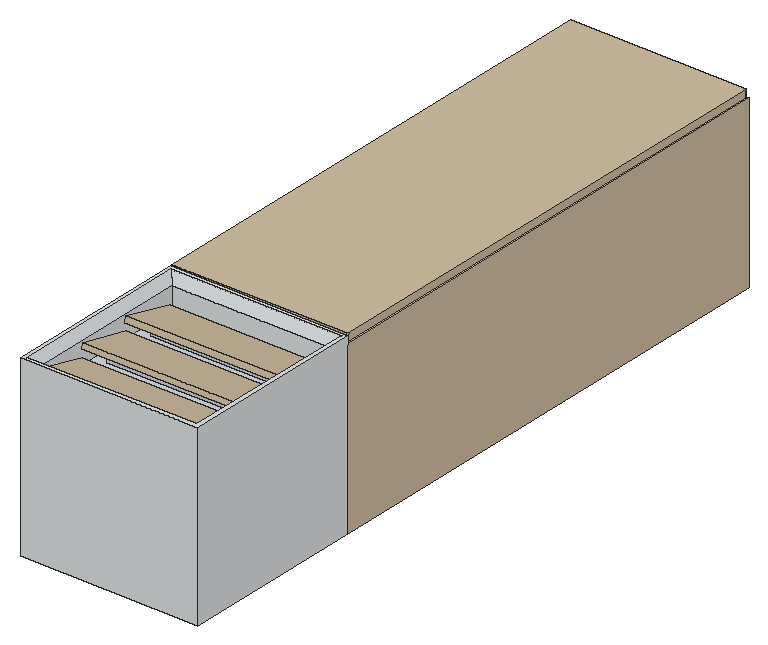
Revit family "TallUnit-40cm-WithDrawer-Vitra-FrameSeries-61260+61261+61262", category Furniture, host Face, Revit 2017
Family settings
  Host = Face
  OmniClass Number = 23.40.20.00
  OmniClass Title = General Furniture and Specialties
  Cut with Voids When Loaded = No
  Shared = Yes
  Room Calculation Point = No
Parameters (values of type "TallUnit-40cm-WithDrawers-Vitra-FrameSeries-61260")
  Youtube = "https://www.youtube.com/user/VitrAglobal"
  Weight Net (kg) = "43"
  Warranty Period (Year) = "2"
  Uniformat II Description = "Fixed Furnishings"
  Uniformat II Code = "E2010"
  Uniclass 2015 Name = "Bathroom Cabinets"
  Uniclass 2015 Code = "Pr_40_30_78_03"
  Uniclass 2.0 Description = "Bathroom Cabinets"
  Uniclass 2.0 Code = "PR-35-75-08"
  Uniclass 1.4 Description = "Bathroom Cabinets"
  Uniclass 1.4 Code = "L8241"
  URL = "https://vitraglobal.com/"
  UNSPSC Description = "Bathroom Cabinets"
  UNSPSC Code = "30161801"
  Technical description = "https://www.vitraglobal.com/pdf/61260/"
  Tap hole Options (default) = ""
  Specification = ""
  Secondary Material = MattWhite
  Region South America = "All"
  Region Oceania = "All"
  Region North America = "All"
  Region Middle East = "All"
  Region Europe = "All"
  Region Asia = "All"
  Region Antarctica = "All"
  Region Africa = "All"
  Product url = "https://www.vitraglobal.com/bathroom-furniture/tall-units/standard-tall-units/frame-tall-unit-sku-61260/"
  Product manual = ""
  Product group = "Bathroom Furniture"
  Product family = "Frame"
  Product data url = ""
  Product certification = "https://www.vitraglobal.com/brochures/"
  Product SKU = "61260"
  Product Guid = ""
  Primary Material = Natural Oak
  OmniClass Description = "Bathroom Cabinets"
  OmniClass Code = "23-31 25 13"
  Nominal Width (mm) = 390 mm
  Nominal Height (mm) = 1510 mm
  Nominal Depth (mm) = 390 mm
  NBS Referans Description = "Bathroom Cabinets"
  NBS Referans Code = "35-75-08"
  Mounting type = "Wall-Hung"
  Model = "61260"
  Masterformat 2014 Description = "Bathroom Casework"
  Masterformat 2014 Code = "12 35 30.23"
  Manufacturer name = "VitrA"
  Manufacturer = "Vitra"
  Main Material = "Wood"
  Installation instructions = ""
  IFC Classification = "Furniture"
  EAN code = ""
  Design country = "Turkey"
  Description = "Frame Tall Unit - 40cm - With Drawers- Matt White/Dore Oak"
  Default Elevation = 450 mm
  Color = "Matt White/Dore Oak"
  COBIe Type Category = ""
  Brand = "VitrA"
  BIMobject category = "Storage"
  Article No. (default) = "61260"
  Accessories (default) = ""
Types (3, lengths in mm): name | Technical description | Secondary Material | Product url | Product SKU | Primary Material | Model | Description | Color | Article No. (default)
  TallUnit-40cm-WithDrawers-Vitra-FrameSeries-61260 | "https://www.vitraglobal.com/pdf/61260/" | MattWhite | "https://www.vitraglobal.com/bathroom-furniture/tall-units/standard-tall-units/frame-tall-unit-sku-61260/" | "61260" | Natural Oak | "61260" | "Frame Tall Unit - 40cm - With Drawers- Matt White/Dore Oak" | "Matt White/Dore Oak" | "61260"
  TallUnit-40cm-WithDrawers-Vitra-FrameSeries-61261 | "https://www.vitraglobal.com/pdf/61261/" | Dore Oak | "https://www.vitraglobal.com/bathroom-furniture/tall-units/standard-tall-units/frame-tall-unit-sku-61261/" | "61261" | Matte Black | "61261" | "Frame Tall Unit - 40cm - With Drawers - Matt Black/Dore Oak" | "Matt Black/Dore Oak" | "61261"
  TallUnit-40cm-WithDrawers-Vitra-FrameSeries-61262 | "https://www.vitraglobal.com/pdf/61262/" | Matte Taupe | "https://www.vitraglobal.com/bathroom-furniture/tall-units/standard-tall-units/frame-tall-unit-sku-61262/" | "61262" | Mocha Oak | "61262" | "Frame Tall Unit - 40cm - With Drawers - Matt Black/Patterned Black Oak" | "Matt Black/Patterned Black Oak" | "61262"
Reference planes
  plane 1 "Center (Front/Back)": y = 0
  plane 2: z = 0
  plane 3 "Center (Left/Right)": x = -8.271
  plane 4: y = 754.076
  plane 5: x = -203.271
  plane 6: y = -1200.924
  plane 7: x = 186.729
  plane 8: z = 390
  plane 9: y = -755.924
Forms (mm)
  Extrusion 1, void
    sketch origin (-202.271, 737.576, 391) x (1, 0, 0) y (0, 1, 0)
      loop
        line (-3, 19) -> (-3, -1475.5) -> (387, -1475.5) -> (387, 19) -> (-3, 19)
    from 0 to 390
  Extrusion 2, solid, detail levels coarse
    sketch origin (0, 0, 0) x (1, 0, 0) y (0, 1, 0)
      loop
        line (186.729, 754.076) -> (-203.271, 754.076) -> (-203.271, -755.924) -> (186.729, -755.924) -> (186.729, 754.076)
    from 0 to 390
  Extrusion 3, solid, material "Natural Oak" <- "Primary Material", detail levels medium+fine
    sketch origin (-185.271, 756.576, 187) x (0, 0, 1) y (1, 0, 0)
      loop
        line (-187, 358) -> (187, 358) -> (187, 374) -> (-187, 374) -> (-187, 358)
      loop
        line (-187, -16) -> (187, -16) -> (187, 0) -> (-187, 0) -> (-187, -16)
    from 0 to -1100
  Extrusion 4, solid, detail levels fine
    sketch origin (179.729, 754.576, 27) x (-1, 0, 0) y (0, 0, 1)
      loop
        line (7, 6) -> (7, -6) -> (365, -6) -> (365, 6) -> (7, 6)
    from 0 to -1098
  Extrusion 5, solid, detail levels fine
    sketch origin (172.729, 34.076, 203) x (-1, 0, 0) y (0, 0, 1)
      loop
        line (0, 170) -> (0, -170) -> (358, -170) -> (358, 170) -> (0, 170)
    from 0 to -16
  Extrusion 6, solid, detail levels fine
    sketch origin (150.729, -716.703, 314.157) x (0, 0, -1) y (1, 0, 0)
      loop
        line (288, 0) -> (288, 16) -> (-8, 16) -> (-8, -328.5) -> (288, -328.5) -> (288, -312.5) -> (8, -312.5) -> (8, 0) -> (288, 0)
    from 0 to -306
  Extrusion 7, solid, detail levels fine
    sketch origin (158.729, -703.703, 26.157) x (-1, 0, 0) y (0, 0, -1)
      loop
        line (8, 0) -> (8, -280) -> (320.5, -280) -> (320.5, 0) -> (8, 0)
    from 0 to -16
  Sweep 8, solid, material "MattWhite" <- "Secondary Material", detail levels medium+fine
    path origin (-201.271, -755.924, 390) x (0, 1, 0) y (-1, 0, 0)
      loop
        line (412.5, -390) -> (412.5, 0) -> (0, 0) -> (0, -390) -> (412.5, -390)
    profile origin (188.729, -549.674, 390) x (1, 0, 0) y (0, 0, 1)
      loop
        line (-8, 0) -> (-18, -25) -> (-18, -390) -> (0, -390) -> (0, 0) -> (-8, 0)
  Extrusion 9, solid, detail levels fine
    sketch origin (-150.521, -701.703, 333.334) x (0, 0, -1) y (0, -1, 0)
      loop
        line (11.177, -43) -> (11.177, 0) -> (-11.044, 0) -> (-0.323, -43) -> (11.177, -43)
      loop
        line (-11.044, -120) -> (-0.323, -163) -> (11.177, -163) -> (11.177, -120) -> (-11.044, -120)
      loop
        line (-11.044, -240) -> (-0.323, -283) -> (11.177, -283) -> (11.177, -240) -> (-11.044, -240)
    from 0 to -290
  Extrusion 10, solid, material "Natural Oak" <- "Primary Material", detail levels medium+fine
    sketch origin (-179.521, -732.852, 357.813) x (0, 0.970296, -0.241922) y (0, -0.241922, -0.970296)
      loop
        line (-1.213, 5.5) -> (-1.213, -6.713) -> (121.213, -6.713) -> (121.213, 5.5) -> (-1.213, 5.5)
      loop
        line (115.223, -23.531) -> (115.223, -35.743) -> (237.648, -35.743) -> (237.648, -23.531) -> (115.223, -23.531)
      loop
        line (231.658, -52.561) -> (231.658, -64.774) -> (354.084, -64.774) -> (354.084, -52.561) -> (231.658, -52.561)
    from 0 to -348
  Revolve 11, void
    sketch origin (-199.271, 756.576, 374) x (1, 0, 0) y (0, 1, 0)
      loop
        line (12.211, -966.873) -> (12.211, -133.127)
        arc (12.211, -133.127) -> (8.524, -114.159) -> (-2, -97.953) r 50.635
        line (-2, -97.953) -> (-2, -1002.047)
        arc (-2, -1002.047) -> (8.524, -985.841) -> (12.211, -966.873) r 50.635
      axis (-2, -1002.047) -> (-2, -97.953)
    angle from 0 to 360
  Extrusion 12, solid, material "Natural Oak" <- "Primary Material", detail levels medium+fine
    sketch origin (-6.771, -341.424, 376) x (0, -1, 0) y (-1, 0, 0)
      loop
        arc (-1095.732, 193.5) -> (-1095.932, 193.018) -> (-1096, 192.5) r 2
        line (-1096, 192.5) -> (-1096, -191.5)
        arc (-1096, -191.5) -> (-1095.414, -192.914) -> (-1094, -193.5) r 2
        line (-1094, -193.5) -> (-2, -193.5)
        arc (-2, -193.5) -> (-0.586, -192.914) -> (0, -191.5) r 2
        line (0, -191.5) -> (0, 193.5) -> (-1095.732, 193.5)
    from 0 to -16
Cuts and joins
  Revolve 11 cuts Extrusion 2
  Revolve 11 cuts Extrusion 3
  Revolve 11 cuts Extrusion 12
Dimensions and locks
  "Nominal Width (mm)": plane 5 to plane 7
  "Nominal Depth (mm)": plane 8 to host face
  "Nominal Height (mm)": plane 4 to plane 9
  plane 6 to Extrusion 2 = 445 mm
  equal spacing: plane 5, plane 3 "Center (Left/Right)", plane 7
  aligned and locked: plane 2 to host face
  aligned and locked: level to host face
Automatic sketch dimensions
  host sketch curve to host sketch curve = 2438.4 mm
  host sketch curve to host sketch curve = 2743.2 mm
  plane 5 to Extrusion 1 sketch curve = 2 mm
  plane 7 to Extrusion 1 sketch curve = 2 mm
  plane 9 to Extrusion 1 sketch curve = 18 mm
  plane 4 to Extrusion 1 sketch curve = 2.5 mm
  Extrusion 2 sketch curve to plane 4 = 0 mm
  Extrusion 2 sketch curve to plane 9 = 0 mm
  Extrusion 2 sketch curve to plane 7 = 0 mm
  plane 5 to Extrusion 2 sketch curve = 0 mm
  Extrusion 3 sketch curve to level = 0 mm  (x2)
  Extrusion 3 sketch curve to plane 8 = 16 mm  (x2)
  Extrusion 3 sketch curve to plane 5 = 2 mm
  Extrusion 3 sketch curve to Extrusion 3 sketch curve = 16 mm
  plane 7 to Extrusion 3 sketch curve = 14 mm
  Extrusion 3 sketch curve to plane 7 = 2 mm
  plane 7 to Extrusion 4 sketch curve = 14 mm
  Extrusion 4 sketch curve to plane 5 = 18 mm
  level to Extrusion 4 sketch curve = 21 mm
  Extrusion 4 sketch curve to Extrusion 4 sketch curve = 12 mm
  plane 7 to Extrusion 5 sketch curve = 14 mm
  Extrusion 5 sketch curve to plane 5 = 18 mm
  level to Extrusion 5 sketch curve = 33 mm
  Extrusion 5 sketch curve to plane 8 = 17 mm
  plane 7 to Extrusion 6 sketch curve = 20 mm
  Extrusion 6 sketch curve to plane 8 = 67.843 mm
  Extrusion 6 sketch curve to Extrusion 6 sketch curve = 16 mm  (x3)
  level to Extrusion 6 sketch curve = 26.157 mm  (x2)
  Extrusion 6 sketch curve to plane 5 = 41.5 mm
  plane 7 to Extrusion 7 sketch curve = 36 mm
  Extrusion 7 sketch curve to plane 5 = 41.5 mm
  Extrusion 7 sketch curve to plane 8 = 83.843 mm
  level to Extrusion 7 sketch curve = 26.157 mm
  Sweep 8 sketch curve to plane 9 = 0 mm
  Sweep 8 sketch curve to plane 5 = 2 mm
  plane 1 "Center (Front/Back)" to Sweep 8 sketch curve = 343.424 mm
  Sweep 8 sketch curve to plane 7 = 2 mm
  Sweep 8 sketch curve to profile plane = 0 mm
  profile plane to Sweep 8 sketch curve = 0 mm
  Sweep 8 sketch curve to Sweep 8 sketch curve = 8 mm
  Sweep 8 sketch curve to Sweep 8 sketch curve = 18 mm
  Sweep 8 sketch curve to profile plane = 25 mm
  Sweep 8 sketch curve to Sweep 8 sketch curve = 365 mm
  Extrusion 9 sketch curve to plane 8 = 45.622 mm  (x3)
  Extrusion 9 sketch curve to Extrusion 9 sketch curve = 10.721 mm  (x3)
  Extrusion 9 sketch curve to Extrusion 9 sketch curve = 11.5 mm  (x2)
  Extrusion 9 sketch curve to Extrusion 9 sketch curve = 22.221 mm
  plane 9 to Extrusion 9 sketch curve = 337.221 mm
  Extrusion 9 sketch curve to Extrusion 9 sketch curve = 43 mm  (x3)
  Extrusion 9 sketch curve to Extrusion 9 sketch curve = 77 mm  (x2)
  plane 9 to Extrusion 10 sketch curve = 23.519 mm
  Extrusion 10 sketch curve to plane 8 = 25.38 mm
  Extrusion 10 sketch curve to Extrusion 10 sketch curve = 116.435 mm  (x3)
  Extrusion 10 sketch curve to Extrusion 10 sketch curve = 5.99 mm  (x2)
  Extrusion 10 sketch curve to Extrusion 10 sketch curve = 16.818 mm  (x2)
  Extrusion 10 sketch curve to Extrusion 10 sketch curve = 12.213 mm  (x3)
  Revolve 11 sketch curve to Extrusion 3 = 0 mm  (x2)
  Revolve 11 sketch curve to Extrusion 3 = 36.424 mm  (x2)
  Extrusion 3 to Revolve 11 sketch curve = 1.789 mm
  Extrusion 3 to Revolve 11 sketch curve = 97.953 mm
  Extrusion 3 to Revolve 11 sketch curve = 133.127 mm
  Revolve 11 sketch curve to Revolve 11 sketch curve = 138.526 mm
  Revolve 11 sketch curve to Revolve 11 sketch curve = 18.06 mm
  Extrusion 12 sketch curve to plane 7 = 0 mm
  plane 4 to Extrusion 12 sketch curve = 0.5 mm
  plane 4 to Extrusion 12 sketch curve = 0.232 mm
  Extrusion 12 sketch curve to plane 4 = 1.5 mm  (x2)
  plane 1 "Center (Front/Back)" to Extrusion 12 sketch curve = 339.424 mm
  Extrusion 12 sketch curve to plane 5 = 3 mm
  plane 1 "Center (Front/Back)" to Extrusion 12 sketch curve = 341.424 mm
